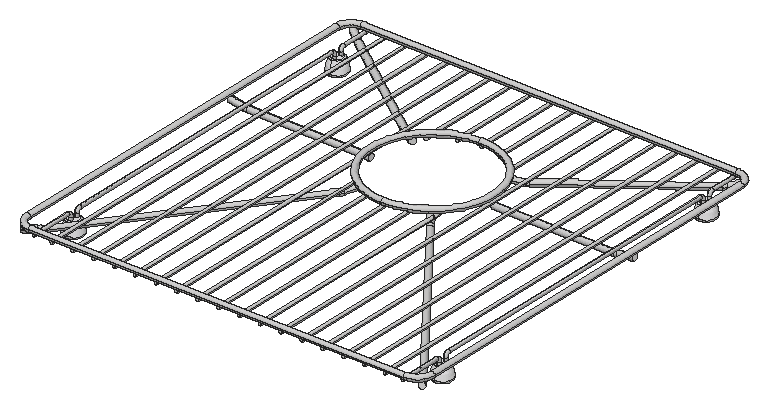
Revit family "Accessory-Sink_Rack-KOHLER-Lyric-K-23381", category Specialty Equipment, host Face, Revit 2021
Family settings
  Host = Face
  Round Connector Dimension = Use Diameter
  Part Type = Normal
  OmniClass Number = 23.31.25.00
  OmniClass Title = Toilet and Bath Specialties
  Cut with Voids When Loaded = No
  Shared = No
  Room Calculation Point = No
Parameters (values of type "ST-Stainless Steel")
  Width = 14 113/256"  # constant formula
  WaterSense Certified = 1 = 0  # no
  URL = "https://www.us.kohler.com/us/"
  Type = 1
  Product Page URL = "http://www.us.kohler.com/us/catalog/productDetails.jsp?productId=23381"
  Product Name = "Lyric"  # constant formula
  Product Documentation Link = "https://www.us.kohler.com/webassets/kpna/catalog/pdf/en/K-23381_spec_US-CA_Kohler_en.pdf"
  Model = "K-23381-ST"  # constant formula
  Material = "Stainless Steel"  # constant formula
  Master Format 2014 Name = "Toilet, Bath, and Laundry Accessories"  # constant formula
  Master Format 2014 = "10 28 00"  # constant formula
  Manufacturer Address = "444 Highland Dr, Kohler, WI 53044"  # constant formula
  Manufacturer = "Kohler Co."  # constant formula
  Length = 14 15/256"  # constant formula
  Height = 1 1/64"  # constant formula
  Finish = KOHLER-Metal-ST-Stainless_Steel
  Environmental Product Declaration = ""
  Description = "Sink Rack For K-RH23376-4PC"  # constant formula
  Default Elevation = 36"
  Declare Label = ""
  Date Modified = "02/13/2023"  # constant formula
  Date Created = "02/13/2023"  # constant formula
  Copyright = "Copyright Kohler Co."  # constant formula
  Contact Us = "https://www.us.kohler.com/us/static/contact.jsp"
  Assembly Code = "C1030200"
  ADA Compliant = 1 = 0  # no
Reference planes (in)
  plane 1 "Center (Front/Back)": y = 0
  plane 2: z = 0
  plane 3 "Center (Left/Right)": x = 0
  plane 4: y = 5.15797
  plane 5: y = -9.28343
  plane 6: x = -7.02907
  plane 7: x = 7.02953
  plane 8: y = -7.48247
  plane 9: y = 3.83961
  plane 10: x = -6.33
  plane 11: x = 6.33
  plane 12: x = 2.01329
  plane 13: y = 2.00985
  plane 14: z = 1.01562
  plane 15: y = -2.00985
  plane 16: x = -2.01329
  plane 17: y = -2.06273
Dimensions and locks (in)
  "Width": plane 4 to plane 5
  plane 3 "Center (Left/Right)" to plane 7 = 7.02953"
  plane 1 "Center (Front/Back)" to plane 4 = 5.15797"
  plane 15 to plane 13 = 4.01969"
  plane 16 to plane 12 = 4.02658"
  plane 10 to plane 11 = 12.66001"
  plane 10 to plane 3 "Center (Left/Right)" = 6.33"
  plane 11 to plane 3 "Center (Left/Right)" = 6.33"
  "Height": plane 14 to level
  equal spacing: plane 4, plane 17, plane 5
  "Length": plane 6 to plane 7
  plane 9 to plane 8 = 11.32209"
  aligned and locked: plane 2 to host face
  aligned and locked: level to host face
Automatic sketch dimensions
  host sketch curve to host sketch curve = 96"  (x2)
Nested families (in)
  nested 1: "K-23381" at (0, -2.0625, -0.0091) x (0, -1, 0) z (0, 0, 1), type "K-23381"
Definition of nested family "K-23381"
  Parameters
    Material = none
    Default Elevation = 0"
  Reference planes (in)
    plane 1 "Center (Front/Back)": y = 0
    plane 2: z = 0
    plane 3 "Center (Left/Right)": x = 0
    plane 4: x = -7.22047
    plane 5: x = 7.22047
    plane 6: x = -2.05906
    plane 7: z = 1.02362
    plane 8 "A": through (-3.36801, 1.75163, 48) normal (-0.8024, -0.5967, 0)
    plane 9 "B": through (-0.33058, 1.32576, 48) normal (-0.606, 0.7955, 0)
    plane 10: z = 0.0091
    plane 11: y = 2.01329
    plane 12: x = -4.07235
    plane 13: y = -7.02953
    plane 14: y = 7.02953
    plane 15: y = -6.33
    plane 16: y = 6.33
    plane 17: x = 5.41997
    plane 18: x = -5.90211
  Forms (in)
    Sweep 1, solid, material <- "Material"
      path origin (0, 0, 0) x (1, 0, 0) y (0, 1, 0)
        loop
          circle (-2.05906, 0) r 2.09728
      profile origin (-2.05906, 2.09728, 0) x (0, -1, 0) y (0, 0, 1)
        loop
          circle (0, 0.93774) r 0.09357
    Sweep 2, solid, material <- "Material"
      path origin (0, 0, 0) x (1, 0, 0) y (0, 1, 0)
        loop
          line (-7.13071, 6.43898) -> (-7.13071, -6.43898)
          arc (-7.13071, -6.43898) -> (-6.98403, -6.79309) -> (-6.62992, -6.93976) r 0.50079
          line (-6.62992, -6.93976) -> (6.62992, -6.93976)
          arc (6.62992, -6.93976) -> (6.98403, -6.79309) -> (7.13071, -6.43898) r 0.50079
          line (7.13071, -6.43898) -> (7.13071, 6.43898)
          arc (7.13071, 6.43898) -> (6.98403, 6.79309) -> (6.62992, 6.93976) r 0.50079
          line (6.62992, 6.93976) -> (-6.62992, 6.93976)
          arc (-6.62992, 6.93976) -> (-6.98403, 6.79309) -> (-7.13071, 6.43898) r 0.50079
      profile origin (0, 6.93976, 0) x (0, 1, 0) y (0, 0, 1)
        loop
          circle (-0.00308, 0.93753) r 0.09378
    Extrusion 3, solid, material <- "Material"
      sketch origin (0, 0, 0.00154) x (0, 1, 0) y (0, 0, 1)
        loop
          circle (-5.72076, 0.78821) r 0.05315
        loop
          circle (-5.00745, 0.78821) r 0.05315
        loop
          circle (-4.29249, 0.78821) r 0.05315
        loop
          circle (-3.57588, 0.78821) r 0.05315
        loop
          circle (-2.85927, 0.78821) r 0.05315
        loop
          circle (-2.14432, 0.78821) r 0.05315
        loop
          circle (-1.43422, 0.78821) r 0.05315
        loop
          circle (-0.71423, 0.78821) r 0.05315
        loop
          circle (0.71498, 0.78821) r 0.05315
        loop
          circle (1.42996, 0.78821) r 0.05315
        loop
          circle (2.14456, 0.78821) r 0.05315
        loop
          circle (2.85915, 0.78821) r 0.05315
        loop
          circle (3.57698, 0.78821) r 0.05315
        loop
          circle (4.28826, 0.78821) r 0.05315
        loop
          circle (5.00858, 0.78821) r 0.05315
        loop
          circle (5.72313, 0.78821) r 0.05315
        loop
          circle (0, 0.78821) r 0.05315
      from -7.1285 to 7.1235
    Extrusion 4, void
      sketch origin (0, 0, 0) x (1, 0, 0) y (0, 1, 0)
        loop
          circle (-2.05906, 0) r 2.10236
      from 0.33287 to 0.85982
    Sweep 5, solid, material <- "Material"
      path origin (-1.32987, -0.98899, -0.00615) x (0.596749, -0.802428, 0) y (0, 0, 1)
        loop
          line (-9.58546, 0.74758) -> (-9.16395, 0.65454)
          arc (-9.16395, 0.65454) -> (-9.10068, 0.64413) -> (-9.03665, 0.64065) r 0.59055
          line (-9.03665, 0.64065) -> (-3.84064, 0.64065)
          arc (-3.84064, 0.64065) -> (-3.77661, 0.64413) -> (-3.71334, 0.65454) r 0.59055
          line (-3.71334, 0.65454) -> (-3.23801, 0.75946)
      profile origin (-6.92421, 6.53353, 0.69491) x (0.128632, -0.172968, 0.976492) y (-0.802428, -0.596749, 0)
        loop
          circle (0, 0) r 0.09843
    Sweep 6, solid, material <- "Material"
      path origin (0, 0, -0.00231) x (0, -1, 0) y (0, 0, -1)
        loop
          line (-6.95075, -0.74334) -> (-6.39631, -0.64558)
          arc (-6.39631, -0.64558) -> (-6.34523, -0.63886) -> (-6.29376, -0.63661) r 0.59055
          line (-6.29376, -0.63661) -> (6.29376, -0.63661)
          arc (6.29376, -0.63661) -> (6.34523, -0.63886) -> (6.39631, -0.64558) r 0.59055
          line (6.39631, -0.64558) -> (6.95075, -0.74334)
      profile origin (0, 6.67353, 0.69216) x (0, 0.173648, -0.984808) y (1, 0, 0)
        loop
          circle (0, -2.0625) r 0.09843
    Revolve 7, solid, detail levels medium+fine
      sketch origin (11.16461, -6.33, 0) x (1, 0, 0) y (0, 0, -1)
        loop
          line (-5.73848, -0.56882) -> (-5.73848, -0.00823)
          arc (-5.73848, -0.00823) -> (-5.81814, -0.01423) -> (-5.89605, -0.03187) r 0.54249
          arc (-5.89605, -0.03187) -> (-5.97179, -0.06041) -> (-6.04327, -0.09838) r 0.6326
          arc (-6.04327, -0.09838) -> (-6.06214, -0.11863) -> (-6.06801, -0.14567) r 0.05221
          arc (-6.06801, -0.14567) -> (-6.03954, -0.35065) -> (-5.97739, -0.54803) r 1.24012
          arc (-5.97739, -0.54803) -> (-5.96507, -0.56314) -> (-5.94642, -0.56882) r 0.03346
          line (-5.94642, -0.56882) -> (-5.73848, -0.56882)
        axis (-5.73848, -0.00823) -> (-5.73848, -0.56882)
      angle from 0 to 360
    Sweep 8, solid, material <- "Material"
      path origin (-0.76048, 0.99827, 0) x (-0.795475, -0.605986, 0) y (0, 0, 1)
        loop
          line (-9.71214, 0.74143) -> (-9.29063, 0.64838)
          arc (-9.29063, 0.64838) -> (-9.22736, 0.63798) -> (-9.16333, 0.6345) r 0.59055
          line (-9.16333, 0.6345) -> (-0.95551, 0.6345)
          arc (-0.95551, 0.6345) -> (-0.89148, 0.63798) -> (-0.82821, 0.64838) r 0.59055
          line (-0.82821, 0.64838) -> (-0.35288, 0.75331)
      profile origin (6.79764, 6.75598, 0.69491) x (-0.171469, -0.130624, 0.976492) y (-0.605986, 0.795475, 0)
        loop
          circle (0, 0) r 0.09843
    Revolve 9, solid, detail levels medium+fine
      sketch origin (-11.32209, -6.33, 0) x (-1, 0, 0) y (0, 0, 1)
        loop
          line (-5.41997, 0.56882) -> (-5.62791, 0.56882)
          arc (-5.62791, 0.56882) -> (-5.64656, 0.56314) -> (-5.65888, 0.54803) r 0.03346
          arc (-5.65888, 0.54803) -> (-5.72104, 0.35065) -> (-5.7495, 0.14567) r 1.24012
          arc (-5.7495, 0.14567) -> (-5.74363, 0.11863) -> (-5.72476, 0.09838) r 0.05221
          arc (-5.72476, 0.09838) -> (-5.65329, 0.06041) -> (-5.57754, 0.03187) r 0.6326
          arc (-5.57754, 0.03187) -> (-5.49963, 0.01423) -> (-5.41997, 0.00823) r 0.54249
          line (-5.41997, 0.00823) -> (-5.41997, 0.56882)
        axis (-5.41997, 0.00823) -> (-5.41997, 0.56882)
      angle from 0 to 360
    Sweep 10, solid, material <- "Material"
      path origin (0, 6.33, 0) x (1, 0, 0) y (0, 0, -1)
        loop
          line (-7.1285, -0.79216) -> (-7.05153, -0.79216) -> (-6.15058, -0.79216)
          arc (-6.15058, -0.79216) -> (-6.07044, -0.75896) -> (-6.03725, -0.67882) r 0.11334
          line (-6.03725, -0.67882) -> (-6.03725, -0.29889)
          arc (-6.03725, -0.29889) -> (-5.90211, -0.16376) -> (-5.76698, -0.29889) r 0.13513
          line (-5.76698, -0.29889) -> (-5.76698, -0.67877)
          arc (-5.76698, -0.67877) -> (-5.73377, -0.75895) -> (-5.65359, -0.79216) r 0.11339
          line (-5.65359, -0.79216) -> (5.17145, -0.79216)
          arc (5.17145, -0.79216) -> (5.25163, -0.75895) -> (5.28484, -0.67877) r 0.11339
          line (5.28484, -0.67877) -> (5.28484, -0.29889)
          arc (5.28484, -0.29889) -> (5.41997, -0.16376) -> (5.55511, -0.29889) r 0.13513
          line (5.55511, -0.29889) -> (5.55511, -0.67877)
          arc (5.55511, -0.67877) -> (5.58832, -0.75895) -> (5.66849, -0.79216) r 0.11339
          line (5.66849, -0.79216) -> (7.12212, -0.79216)
      profile origin (-6.60106, 6.33, 0.79216) x (0, 0, -1) y (0, 1, 0)
        loop
          circle (0, 0) r 0.05192
    Revolve 11, solid, detail levels medium+fine
      sketch origin (11.16461, 6.33, 0) x (1, 0, 0) y (0, 0, 1)
        loop
          line (-5.73848, 0.56882) -> (-5.94642, 0.56882)
          arc (-5.94642, 0.56882) -> (-5.96507, 0.56314) -> (-5.97739, 0.54803) r 0.03346
          arc (-5.97739, 0.54803) -> (-6.03954, 0.35065) -> (-6.06801, 0.14567) r 1.24012
          arc (-6.06801, 0.14567) -> (-6.06214, 0.11863) -> (-6.04327, 0.09838) r 0.05221
          arc (-6.04327, 0.09838) -> (-5.97179, 0.06041) -> (-5.89605, 0.03187) r 0.6326
          arc (-5.89605, 0.03187) -> (-5.81814, 0.01423) -> (-5.73848, 0.00823) r 0.54249
          line (-5.73848, 0.00823) -> (-5.73848, 0.56882)
        axis (-5.73848, 0.00823) -> (-5.73848, 0.56882)
      angle from 0 to 360
    Revolve 12, solid, detail levels medium+fine
      sketch origin (-11.32209, 6.33, 0) x (-1, 0, 0) y (0, 0, -1)
        loop
          line (-5.41997, -0.56882) -> (-5.41997, -0.00823)
          arc (-5.41997, -0.00823) -> (-5.49963, -0.01423) -> (-5.57754, -0.03187) r 0.54249
          arc (-5.57754, -0.03187) -> (-5.65329, -0.06041) -> (-5.72476, -0.09838) r 0.6326
          arc (-5.72476, -0.09838) -> (-5.74363, -0.11863) -> (-5.7495, -0.14567) r 0.05221
          arc (-5.7495, -0.14567) -> (-5.72104, -0.35065) -> (-5.65888, -0.54803) r 1.24012
          arc (-5.65888, -0.54803) -> (-5.64656, -0.56314) -> (-5.62791, -0.56882) r 0.03346
          line (-5.62791, -0.56882) -> (-5.41997, -0.56882)
        axis (-5.41997, -0.00823) -> (-5.41997, -0.56882)
      angle from 0 to 360
    Sweep 13, solid, material <- "Material"
      path origin (-1.32987, 0.98899, -0.00615) x (0.596749, 0.802428, 0) y (0, 0, -1)
        loop
          line (-9.58546, -0.74758) -> (-9.16395, -0.65454)
          arc (-9.16395, -0.65454) -> (-9.10068, -0.64413) -> (-9.03665, -0.64065) r 0.59055
          line (-9.03665, -0.64065) -> (-3.84064, -0.64065)
          arc (-3.84064, -0.64065) -> (-3.77661, -0.64413) -> (-3.71334, -0.65454) r 0.59055
          line (-3.71334, -0.65454) -> (-3.23801, -0.75946)
      profile origin (-6.92421, -6.53353, 0.69491) x (-0.128632, -0.172968, -0.976492) y (-0.802428, 0.596749, 0)
        loop
          circle (0, 0) r 0.09843
    Sweep 14, solid, material <- "Material"
      path origin (-0.76048, -0.99827, 0) x (-0.795475, 0.605986, 0) y (0, 0, -1)
        loop
          line (-9.71214, -0.74143) -> (-9.29063, -0.64838)
          arc (-9.29063, -0.64838) -> (-9.22736, -0.63798) -> (-9.16333, -0.6345) r 0.59055
          line (-9.16333, -0.6345) -> (-0.95551, -0.6345)
          arc (-0.95551, -0.6345) -> (-0.89148, -0.63798) -> (-0.82821, -0.64838) r 0.59055
          line (-0.82821, -0.64838) -> (-0.35288, -0.75331)
      profile origin (6.79764, -6.75598, 0.69491) x (0.171469, -0.130624, -0.976492) y (-0.605986, -0.795475, 0)
        loop
          circle (0, 0) r 0.09843
    Sweep 15, solid, material <- "Material"
      path origin (0, -6.33, 0) x (1, 0, 0) y (0, 0, 1)
        loop
          line (-7.1285, 0.79216) -> (-7.05153, 0.79216) -> (-6.15058, 0.79216)
          arc (-6.15058, 0.79216) -> (-6.07044, 0.75896) -> (-6.03725, 0.67882) r 0.11334
          line (-6.03725, 0.67882) -> (-6.03725, 0.29889)
          arc (-6.03725, 0.29889) -> (-5.90211, 0.16376) -> (-5.76698, 0.29889) r 0.13513
          line (-5.76698, 0.29889) -> (-5.76698, 0.67877)
          arc (-5.76698, 0.67877) -> (-5.73377, 0.75895) -> (-5.65359, 0.79216) r 0.11339
          line (-5.65359, 0.79216) -> (5.17145, 0.79216)
          arc (5.17145, 0.79216) -> (5.25163, 0.75895) -> (5.28484, 0.67877) r 0.11339
          line (5.28484, 0.67877) -> (5.28484, 0.29889)
          arc (5.28484, 0.29889) -> (5.41997, 0.16376) -> (5.55511, 0.29889) r 0.13513
          line (5.55511, 0.29889) -> (5.55511, 0.67877)
          arc (5.55511, 0.67877) -> (5.58832, 0.75895) -> (5.66849, 0.79216) r 0.11339
          line (5.66849, 0.79216) -> (7.12212, 0.79216)
      profile origin (-6.60106, -6.33, 0.79216) x (0, 0, 1) y (0, -1, 0)
        loop
          circle (0, 0) r 0.05192
    Extrusion 16, solid, detail levels coarse
      sketch origin (0, 0, 0) x (1, 0, 0) y (0, 1, 0)
        loop
          circle (-5.90211, 6.33) r 0.33071
        loop
          circle (5.41997, 6.33) r 0.33071
        loop
          circle (-5.90211, -6.33) r 0.33071
        loop
          circle (5.41997, -6.33) r 0.33071
      from 0.0091 to 0.53566
  Cuts and joins
    Extrusion 4 cuts Extrusion 3
    Extrusion 4 cuts Sweep 6
    Extrusion 4 cuts Sweep 8
    Extrusion 4 cuts Sweep 5
    Extrusion 4 cuts Sweep 13
    Extrusion 4 cuts Sweep 14
    joined: Revolve 7, Revolve 9, Revolve 11, Revolve 12
  Lines and regions (in)
    Masking region 1
      outline origin (0, 0, 0) x (1, 0, 0) y (0, 1, 0)
        loop
          arc (-6.62992, 7.02953) -> (-7.0475, 6.85656) -> (-7.22047, 6.43898) r 0.59055
          line (-7.22047, 6.43898) -> (-7.22047, -6.43898)
          arc (-7.22047, -6.43898) -> (-7.0475, -6.85656) -> (-6.62992, -7.02953) r 0.59055
          line (-6.62992, -7.02953) -> (6.62992, -7.02953)
          arc (6.62992, -7.02953) -> (7.0475, -6.85656) -> (7.22047, -6.43898) r 0.59055
          line (7.22047, -6.43898) -> (7.22047, 6.43898)
          arc (7.22047, 6.43898) -> (7.0475, 6.85656) -> (6.62992, 7.02953) r 0.59055
          line (6.62992, 7.02953) -> (-6.62992, 7.02953)
        loop
          arc (-6.62992, 6.84291) -> (-6.79501, 6.80764) -> (-6.93127, 6.70796) r 0.40394
          line (-6.93127, 6.70796) -> (-6.6888, 6.38193) -> (-6.22872, 6.38193)
          arc (-6.22872, 6.38193) -> (-5.90211, 6.66071) -> (-5.5755, 6.38193) r 0.33071
          line (-5.5755, 6.38193) -> (-2.16093, 6.38193) -> (-2.16093, 6.84291) -> (-6.62992, 6.84291)
        loop
          line (6.62992, 6.84291) -> (-1.96407, 6.84291) -> (-1.96407, 6.38193) -> (5.09337, 6.38193)
          arc (5.09337, 6.38193) -> (5.41997, 6.66071) -> (5.74658, 6.38193) r 0.33071
          line (5.74658, 6.38193) -> (6.14419, 6.38193) -> (6.73209, 6.82978)
          arc (6.73209, 6.82978) -> (6.68143, 6.83962) -> (6.62992, 6.84291) r 0.40394
        loop
          arc (7.03386, 6.43898) -> (7.0035, 6.59262) -> (6.91698, 6.72316) r 0.40394
          line (6.91698, 6.72316) -> (6.46904, 6.38193) -> (7.03386, 6.38193) -> (7.03386, 6.43898)
        loop
          line (-7.03386, 6.43898) -> (-7.03386, 6.38193) -> (-6.93412, 6.38193) -> (-7.02791, 6.50804)
          arc (-7.02791, 6.50804) -> (-7.03237, 6.47364) -> (-7.03386, 6.43898) r 0.40394
        loop
          arc (-3.29594, 1.81966) -> (-3.02948, 1.975) -> (-2.74385, 2.09141) r 2.19291
          line (-2.74385, 2.09141) -> (-3.49804, 2.09141) -> (-3.29594, 1.81966)
        loop
          line (-3.45348, 1.70162) -> (-3.74336, 2.09141) -> (-7.03386, 2.09141) -> (-7.03386, 1.48311) -> (-3.68323, 1.48311)
          arc (-3.68323, 1.48311) -> (-3.57231, 1.59652) -> (-3.45348, 1.70162) r 2.19291
        loop
          line (-0.28645, 1.48311) -> (0.51206, 2.09141) -> (-1.37825, 2.09141)
          arc (-1.37825, 2.09141) -> (-0.8691, 1.84819) -> (-0.43887, 1.48311) r 2.19291
          line (-0.43887, 1.48311) -> (-0.28645, 1.48311)
        loop
          arc (-0.25876, 1.25675) -> (-0.11611, 1.02046) -> (-0.00428, 0.76813) r 2.19291
          line (-0.00428, 0.76813) -> (7.03386, 0.76813) -> (7.03386, 1.37681) -> (-0.10115, 1.37681) -> (-0.25876, 1.25675)
        loop
          line (-6.22872, 6.27808) -> (-6.61157, 6.27808) -> (-6.2384, 5.77628) -> (-2.16093, 5.77628) -> (-2.16093, 6.27808) -> (-5.5755, 6.27808)
          arc (-5.5755, 6.27808) -> (-5.90211, 5.99929) -> (-6.22872, 6.27808) r 0.33071
        loop
          line (-7.03386, 6.27808) -> (-7.03386, 5.77628) -> (-6.48371, 5.77628) -> (-6.85689, 6.27808) -> (-7.03386, 6.27808)
        loop
          line (-7.03386, 5.66998) -> (-7.03386, 5.06173) -> (-5.95232, 5.06173) -> (-6.40466, 5.66998) -> (-7.03386, 5.66998)
        loop
          line (-7.03386, 4.95543) -> (-7.03386, 4.34141) -> (-5.41663, 4.34141) -> (-5.87326, 4.95543) -> (-7.03386, 4.95543)
        loop
          line (-7.03386, 4.23511) -> (-7.03386, 3.63013) -> (-4.88767, 3.63013) -> (-5.33758, 4.23511) -> (-7.03386, 4.23511)
        loop
          line (7.03386, 3.52383) -> (2.71723, 3.52383) -> (1.91448, 2.9123) -> (7.03386, 2.9123) -> (7.03386, 3.52383)
        loop
          line (-7.03386, 2.9123) -> (-4.35384, 2.9123) -> (-4.80862, 3.52383) -> (-7.03386, 3.52383) -> (-7.03386, 2.9123)
        loop
          line (-7.03386, 2.80601) -> (-7.03386, 2.19771) -> (-3.82241, 2.19771) -> (-4.27479, 2.80601) -> (-7.03386, 2.80601)
        loop
          line (-7.03386, 1.37681) -> (-7.03386, 0.76813) -> (-4.11782, 0.76813)
          arc (-4.11782, 0.76813) -> (-3.97028, 1.08627) -> (-3.7739, 1.37681) r 2.19291
          line (-3.7739, 1.37681) -> (-7.03386, 1.37681)
        loop
          line (-7.03386, 0.66183) -> (-7.03386, 0.05315) -> (-4.25349, 0.05315)
          arc (-4.25349, 0.05315) -> (-4.22528, 0.361) -> (-4.15407, 0.66183) r 2.19291
          line (-4.15407, 0.66183) -> (-7.03386, 0.66183)
        loop
          circle (-2.06105, 0.00751) r 1.99606
        loop
          line (-6.15934, 5.66998) -> (-5.707, 5.06173) -> (-2.16093, 5.06173) -> (-2.16093, 5.66998) -> (-6.15934, 5.66998)
        loop
          line (-5.62795, 4.95543) -> (-5.17132, 4.34141) -> (-2.16093, 4.34141) -> (-2.16093, 4.95543) -> (-5.62795, 4.95543)
        loop
          line (-5.09226, 4.23511) -> (-4.64235, 3.63013) -> (-2.16093, 3.63013) -> (-2.16093, 4.23511) -> (-5.09226, 4.23511)
        loop
          line (-4.10852, 2.9123) -> (-2.16093, 2.9123) -> (-2.16093, 3.52383) -> (-4.5633, 3.52383) -> (-4.10852, 2.9123)
        loop
          line (-4.02947, 2.80601) -> (-3.57709, 2.19771) -> (-2.16093, 2.19771) -> (-2.16093, 2.80601) -> (-4.02947, 2.80601)
        loop
          arc (5.74658, 6.27808) -> (5.41997, 5.99929) -> (5.09337, 6.27808) r 0.33071
          line (5.09337, 6.27808) -> (-1.96407, 6.27808) -> (-1.96407, 5.77628) -> (5.34916, 5.77628) -> (6.00787, 6.27808) -> (5.74658, 6.27808)
        loop
          line (6.33272, 6.27808) -> (5.67401, 5.77628) -> (7.03386, 5.77628) -> (7.03386, 6.27808) -> (6.33272, 6.27808)
        loop
          line (5.53447, 5.66998) -> (4.73602, 5.06173) -> (7.03386, 5.06173) -> (7.03386, 5.66998) -> (5.53447, 5.66998)
        loop
          line (4.59648, 4.95543) -> (3.79046, 4.34141) -> (7.03386, 4.34141) -> (7.03386, 4.95543) -> (4.59648, 4.95543)
        loop
          line (4.41117, 5.06173) -> (5.20963, 5.66998) -> (-1.96407, 5.66998) -> (-1.96407, 5.06173) -> (4.41117, 5.06173)
        loop
          line (3.46562, 4.34141) -> (4.27164, 4.95543) -> (-1.96407, 4.95543) -> (-1.96407, 4.34141) -> (3.46562, 4.34141)
        loop
          line (3.65092, 4.23511) -> (2.85677, 3.63013) -> (7.03386, 3.63013) -> (7.03386, 4.23511) -> (3.65092, 4.23511)
        loop
          line (2.53192, 3.63013) -> (3.32608, 4.23511) -> (-1.96407, 4.23511) -> (-1.96407, 3.63013) -> (2.53192, 3.63013)
        loop
          line (2.39239, 3.52383) -> (-1.96407, 3.52383) -> (-1.96407, 2.9123) -> (1.58964, 2.9123) -> (2.39239, 3.52383)
        loop
          line (1.77495, 2.80601) -> (0.97644, 2.19771) -> (7.03386, 2.19771) -> (7.03386, 2.80601) -> (1.77495, 2.80601)
        loop
          line (7.03386, 2.09141) -> (0.8369, 2.09141) -> (0.03839, 1.48311) -> (7.03386, 1.48311) -> (7.03386, 2.09141)
        loop
          line (0.65159, 2.19771) -> (1.4501, 2.80601) -> (-1.96407, 2.80601) -> (-1.96407, 2.19771) -> (0.65159, 2.19771)
        loop
          arc (0.03197, 0.66183) -> (0.10318, 0.361) -> (0.13139, 0.05315) r 2.19291
          line (0.13139, 0.05315) -> (7.03386, 0.05315) -> (7.03386, 0.66183) -> (0.03197, 0.66183)
        loop
          line (-6.62992, -6.84291) -> (-2.16093, -6.84291) -> (-2.16093, -6.38193) -> (-5.5755, -6.38193)
          arc (-5.5755, -6.38193) -> (-5.90211, -6.66071) -> (-6.22872, -6.38193) r 0.33071
          line (-6.22872, -6.38193) -> (-6.6888, -6.38193) -> (-6.93127, -6.70796)
          arc (-6.93127, -6.70796) -> (-6.79501, -6.80764) -> (-6.62992, -6.84291) r 0.40394
        loop
          arc (6.62992, -6.84291) -> (6.68143, -6.83962) -> (6.73209, -6.82978) r 0.40394
          line (6.73209, -6.82978) -> (6.14419, -6.38193) -> (5.74658, -6.38193)
          arc (5.74658, -6.38193) -> (5.41997, -6.66071) -> (5.09337, -6.38193) r 0.33071
          line (5.09337, -6.38193) -> (-1.96407, -6.38193) -> (-1.96407, -6.84291) -> (6.62992, -6.84291)
        loop
          line (7.03386, -6.43898) -> (7.03386, -6.38193) -> (6.46904, -6.38193) -> (6.91698, -6.72316)
          arc (6.91698, -6.72316) -> (7.0035, -6.59262) -> (7.03386, -6.43898) r 0.40394
        loop
          arc (-7.03386, -6.43898) -> (-7.03237, -6.47364) -> (-7.02791, -6.50804) r 0.40394
          line (-7.02791, -6.50804) -> (-6.93412, -6.38193) -> (-7.03386, -6.38193) -> (-7.03386, -6.43898)
        loop
          line (-3.29594, -1.81966) -> (-3.49804, -2.09141) -> (-2.74385, -2.09141)
          arc (-2.74385, -2.09141) -> (-3.02948, -1.975) -> (-3.29594, -1.81966) r 2.19291
        loop
          arc (-3.45348, -1.70162) -> (-3.57231, -1.59652) -> (-3.68323, -1.48311) r 2.19291
          line (-3.68323, -1.48311) -> (-7.03386, -1.48311) -> (-7.03386, -2.09141) -> (-3.74336, -2.09141) -> (-3.45348, -1.70162)
        loop
          line (-0.28645, -1.48311) -> (-0.43887, -1.48311)
          arc (-0.43887, -1.48311) -> (-0.8691, -1.84819) -> (-1.37825, -2.09141) r 2.19291
          line (-1.37825, -2.09141) -> (0.51206, -2.09141) -> (-0.28645, -1.48311)
        loop
          line (-0.25876, -1.25675) -> (-0.10115, -1.37681) -> (7.03386, -1.37681) -> (7.03386, -0.76813) -> (-0.00428, -0.76813)
          arc (-0.00428, -0.76813) -> (-0.11611, -1.02046) -> (-0.25876, -1.25675) r 2.19291
        loop
          arc (-6.22872, -6.27808) -> (-5.90211, -5.99929) -> (-5.5755, -6.27808) r 0.33071
          line (-5.5755, -6.27808) -> (-2.16093, -6.27808) -> (-2.16093, -5.77628) -> (-6.2384, -5.77628) -> (-6.61157, -6.27808) -> (-6.22872, -6.27808)
        loop
          line (-7.03386, -6.27808) -> (-6.85689, -6.27808) -> (-6.48371, -5.77628) -> (-7.03386, -5.77628) -> (-7.03386, -6.27808)
        loop
          line (-7.03386, -5.66998) -> (-6.40466, -5.66998) -> (-5.95232, -5.06173) -> (-7.03386, -5.06173) -> (-7.03386, -5.66998)
        loop
          line (-7.03386, -4.95543) -> (-5.87326, -4.95543) -> (-5.41663, -4.34141) -> (-7.03386, -4.34141) -> (-7.03386, -4.95543)
        loop
          line (-7.03386, -4.23511) -> (-5.33758, -4.23511) -> (-4.88767, -3.63013) -> (-7.03386, -3.63013) -> (-7.03386, -4.23511)
        loop
          line (7.03386, -3.52383) -> (7.03386, -2.9123) -> (1.91448, -2.9123) -> (2.71723, -3.52383) -> (7.03386, -3.52383)
        loop
          line (-7.03386, -2.9123) -> (-7.03386, -3.52383) -> (-4.80862, -3.52383) -> (-4.35384, -2.9123) -> (-7.03386, -2.9123)
        loop
          line (-7.03386, -2.80601) -> (-4.27479, -2.80601) -> (-3.82241, -2.19771) -> (-7.03386, -2.19771) -> (-7.03386, -2.80601)
        loop
          line (-7.03386, -1.37681) -> (-3.7739, -1.37681)
          arc (-3.7739, -1.37681) -> (-3.97028, -1.08627) -> (-4.11782, -0.76813) r 2.19291
          line (-4.11782, -0.76813) -> (-7.03386, -0.76813) -> (-7.03386, -1.37681)
        loop
          line (-7.03386, -0.66183) -> (-4.15407, -0.66183)
          arc (-4.15407, -0.66183) -> (-4.22528, -0.361) -> (-4.25349, -0.05315) r 2.19291
          line (-4.25349, -0.05315) -> (-7.03386, -0.05315) -> (-7.03386, -0.66183)
        loop
          line (-6.15934, -5.66998) -> (-2.16093, -5.66998) -> (-2.16093, -5.06173) -> (-5.707, -5.06173) -> (-6.15934, -5.66998)
        loop
          line (-5.62795, -4.95543) -> (-2.16093, -4.95543) -> (-2.16093, -4.34141) -> (-5.17132, -4.34141) -> (-5.62795, -4.95543)
        loop
          line (-5.09226, -4.23511) -> (-2.16093, -4.23511) -> (-2.16093, -3.63013) -> (-4.64235, -3.63013) -> (-5.09226, -4.23511)
        loop
          line (-4.10852, -2.9123) -> (-4.5633, -3.52383) -> (-2.16093, -3.52383) -> (-2.16093, -2.9123) -> (-4.10852, -2.9123)
        loop
          line (-4.02947, -2.80601) -> (-2.16093, -2.80601) -> (-2.16093, -2.19771) -> (-3.57709, -2.19771) -> (-4.02947, -2.80601)
        loop
          line (5.74658, -6.27808) -> (6.00787, -6.27808) -> (5.34916, -5.77628) -> (-1.96407, -5.77628) -> (-1.96407, -6.27808) -> (5.09337, -6.27808)
          arc (5.09337, -6.27808) -> (5.41997, -5.99929) -> (5.74658, -6.27808) r 0.33071
        loop
          line (6.33272, -6.27808) -> (7.03386, -6.27808) -> (7.03386, -5.77628) -> (5.67401, -5.77628) -> (6.33272, -6.27808)
        loop
          line (5.53447, -5.66998) -> (7.03386, -5.66998) -> (7.03386, -5.06173) -> (4.73602, -5.06173) -> (5.53447, -5.66998)
        loop
          line (4.59648, -4.95543) -> (7.03386, -4.95543) -> (7.03386, -4.34141) -> (3.79046, -4.34141) -> (4.59648, -4.95543)
        loop
          line (4.41117, -5.06173) -> (-1.96407, -5.06173) -> (-1.96407, -5.66998) -> (5.20963, -5.66998) -> (4.41117, -5.06173)
        loop
          line (3.46562, -4.34141) -> (-1.96407, -4.34141) -> (-1.96407, -4.95543) -> (4.27164, -4.95543) -> (3.46562, -4.34141)
        loop
          line (3.65092, -4.23511) -> (7.03386, -4.23511) -> (7.03386, -3.63013) -> (2.85677, -3.63013) -> (3.65092, -4.23511)
        loop
          line (2.53192, -3.63013) -> (-1.96407, -3.63013) -> (-1.96407, -4.23511) -> (3.32608, -4.23511) -> (2.53192, -3.63013)
        loop
          line (2.39239, -3.52383) -> (1.58964, -2.9123) -> (-1.96407, -2.9123) -> (-1.96407, -3.52383) -> (2.39239, -3.52383)
        loop
          line (1.77495, -2.80601) -> (7.03386, -2.80601) -> (7.03386, -2.19771) -> (0.97644, -2.19771) -> (1.77495, -2.80601)
        loop
          line (7.03386, -2.09141) -> (7.03386, -1.48311) -> (0.03839, -1.48311) -> (0.8369, -2.09141) -> (7.03386, -2.09141)
        loop
          line (0.65159, -2.19771) -> (-1.96407, -2.19771) -> (-1.96407, -2.80601) -> (1.4501, -2.80601) -> (0.65159, -2.19771)
        loop
          line (0.03197, -0.66183) -> (7.03386, -0.66183) -> (7.03386, -0.05315) -> (0.13139, -0.05315)
          arc (0.13139, -0.05315) -> (0.10318, -0.361) -> (0.03197, -0.66183) r 2.19291
    Masking region 2
      outline origin (0, 0, 0) x (1, 0, 0) y (0, 0, 1)
        loop
          line (7.12944, 1.02362) -> (-7.12944, 1.02362)
          arc (-7.12944, 1.02362) -> (-7.21999, 0.93307) -> (-7.12944, 0.84252) r 0.09055
          line (-7.12944, 0.84252) -> (-7.12944, 0.72071)
          arc (-7.12944, 0.72071) -> (-7.1153, 0.6757) -> (-7.07797, 0.64685) r 0.07874
          line (-7.07797, 0.64685) -> (-6.83499, 0.55715)
          arc (-6.83499, 0.55715) -> (-6.78, 0.54196) -> (-6.72325, 0.5362) r 0.33938
          line (-6.72325, 0.5362) -> (-6.14579, 0.5362)
          arc (-6.14579, 0.5362) -> (-6.20456, 0.34442) -> (-6.23164, 0.14567) r 1.24012
          arc (-6.23164, 0.14567) -> (-6.22577, 0.11863) -> (-6.2069, 0.09838) r 0.05221
          arc (-6.2069, 0.09838) -> (-6.13542, 0.06041) -> (-6.05968, 0.03187) r 0.6326
          arc (-6.05968, 0.03187) -> (-5.98177, 0.01423) -> (-5.90211, 0.00823) r 0.54249
          arc (-5.90211, 0.00823) -> (-5.82245, 0.01423) -> (-5.74454, 0.03187) r 0.54249
          arc (-5.74454, 0.03187) -> (-5.6688, 0.06041) -> (-5.59732, 0.09838) r 0.6326
          arc (-5.59732, 0.09838) -> (-5.57845, 0.11863) -> (-5.57258, 0.14567) r 0.05221
          arc (-5.57258, 0.14567) -> (-5.59966, 0.34442) -> (-5.65843, 0.5362) r 1.24012
          line (-5.65843, 0.5362) -> (-3.62004, 0.5362)
          arc (-3.62004, 0.5362) -> (-3.56395, 0.54158) -> (-3.50967, 0.55663) r 0.31288
          line (-3.50967, 0.55663) -> (-3.28229, 0.64235)
          spline (-3.28229, 0.64235) -> (-3.27567, 0.64688) -> (-3.26942, 0.65218) -> (-3.26359, 0.6582) -> (-3.25826, 0.66489) -> (-3.25345, 0.67217) -> (-3.24923, 0.67999) -> (-3.24562, 0.68828) -> (-3.24266, 0.69695) -> (-3.24037, 0.70593) -> (-3.23879, 0.71513) -> (-3.23791, 0.72448) -> (-3.23776, 0.73388)
          line (-3.23776, 0.73388) -> (-2.16093, 0.73388) -> (-2.16093, 0.6343)
          arc (-2.16093, 0.6343) -> (-2.0625, 0.53588) -> (-1.96407, 0.6343) r 0.09843
          line (-1.96407, 0.6343) -> (-1.96407, 0.73388) -> (-0.45244, 0.73388)
          spline (-0.45244, 0.73388) -> (-0.45246, 0.7218) -> (-0.45157, 0.70978) -> (-0.44978, 0.69802) -> (-0.44714, 0.68669) -> (-0.44367, 0.67596) -> (-0.43943, 0.66599) -> (-0.43448, 0.65695) -> (-0.4289, 0.64895) -> (-0.42277, 0.64214) -> (-0.41619, 0.6366) -> (-0.40925, 0.63242) -> (-0.40206, 0.62967)
          line (-0.40206, 0.62967) -> (-0.14972, 0.55938)
          arc (-0.14972, 0.55938) -> (-0.06552, 0.54202) -> (0.02025, 0.5362) r 0.63483
          line (0.02025, 0.5362) -> (5.17629, 0.5362)
          arc (5.17629, 0.5362) -> (5.11753, 0.34442) -> (5.09045, 0.14567) r 1.24012
          arc (5.09045, 0.14567) -> (5.09632, 0.11863) -> (5.11518, 0.09838) r 0.05221
          arc (5.11518, 0.09838) -> (5.18666, 0.06041) -> (5.2624, 0.03187) r 0.6326
          arc (5.2624, 0.03187) -> (5.34032, 0.01423) -> (5.41997, 0.00823) r 0.54249
          arc (5.41997, 0.00823) -> (5.49963, 0.01423) -> (5.57754, 0.03187) r 0.54249
          arc (5.57754, 0.03187) -> (5.65329, 0.06041) -> (5.72476, 0.09838) r 0.6326
          arc (5.72476, 0.09838) -> (5.74363, 0.11863) -> (5.7495, 0.14567) r 0.05221
          arc (5.7495, 0.14567) -> (5.72242, 0.34442) -> (5.66366, 0.5362) r 1.24012
          line (5.66366, 0.5362) -> (6.72325, 0.5362)
          arc (6.72325, 0.5362) -> (6.78, 0.54196) -> (6.83499, 0.55715) r 0.33938
          line (6.83499, 0.55715) -> (7.06512, 0.6421)
          arc (7.06512, 0.6421) -> (7.11177, 0.67816) -> (7.12944, 0.73442) r 0.0984
          line (7.12944, 0.73442) -> (7.12944, 0.84252)
          arc (7.12944, 0.84252) -> (7.21999, 0.93307) -> (7.12944, 1.02362) r 0.09055
    Masking region 3
      outline origin (0, 0, 0) x (0, 1, 0) y (0, 0, 1)
        loop
          arc (-6.93842, 1.02362) -> (-7.03037, 0.9291) -> (-6.93334, 0.83979) r 0.09198
          line (-6.93334, 0.83979) -> (-6.96784, 0.64411) -> (-6.84249, 0.622) -> (-6.64453, 0.54893)
          arc (-6.64453, 0.54893) -> (-6.61067, 0.5384) -> (-6.5759, 0.53147) r 0.33938
          arc (-6.5759, 0.53147) -> (-6.63309, 0.34235) -> (-6.65953, 0.14654) r 1.24012
          arc (-6.65953, 0.14654) -> (-6.65366, 0.1195) -> (-6.63479, 0.09925) r 0.05221
          arc (-6.63479, 0.09925) -> (-6.56332, 0.06128) -> (-6.48757, 0.03274) r 0.6326
          arc (-6.48757, 0.03274) -> (-6.40966, 0.0151) -> (-6.33, 0.0091) r 0.54249
          arc (-6.33, 0.0091) -> (-6.25034, 0.0151) -> (-6.17243, 0.03274) r 0.54249
          arc (-6.17243, 0.03274) -> (-6.09669, 0.06128) -> (-6.02521, 0.09925) r 0.6326
          arc (-6.02521, 0.09925) -> (-6.00635, 0.1195) -> (-6.00047, 0.14654) r 0.05221
          arc (-6.00047, 0.14654) -> (-6.02739, 0.34455) -> (-6.08576, 0.53566) r 1.24012
          line (-6.08576, 0.53566) -> (-1.56657, 0.53566)
          arc (-1.56657, 0.53566) -> (-1.51546, 0.54213) -> (-1.46587, 0.55611) r 0.34659
          line (-1.46587, 0.55611) -> (-1.25723, 0.63216)
          spline (-1.25723, 0.63216) -> (-1.2493, 0.63563) -> (-1.24171, 0.64016) -> (-1.23454, 0.64568) -> (-1.22788, 0.65214) -> (-1.2218, 0.65945) -> (-1.21638, 0.66754) -> (-1.21167, 0.67631) -> (-1.20773, 0.68566) -> (-1.20461, 0.69549) -> (-1.20234, 0.70566) -> (-1.20095, 0.71608) -> (-1.20046, 0.72662)
          spline (-1.20046, 0.72662) -> (-1.20077, 0.74162) -> (-1.2029, 0.75636) -> (-1.20678, 0.77052) -> (-1.21233, 0.78376) -> (-1.21942, 0.79576) -> (-1.22788, 0.80626) -> (-1.23752, 0.81501) -> (-1.24811, 0.82179) -> (-1.2594, 0.82646) -> (-1.27113, 0.82891) -> (-1.28303, 0.82907) -> (-1.29483, 0.82695)
          line (-1.29483, 0.82695) -> (-1.3773, 0.79693)
          arc (-1.3773, 0.79693) -> (-1.38856, 0.82307) -> (-1.41169, 0.83965) r 0.05315
          line (-1.41169, 0.83965) -> (-0.72554, 0.83965)
          arc (-0.72554, 0.83965) -> (-0.71376, 0.73716) -> (-0.70198, 0.83965) r 0.05192
          line (-0.70198, 0.83965) -> (-0.013, 0.83965)
          arc (-0.013, 0.83965) -> (-0.00122, 0.73716) -> (0.01056, 0.83965) r 0.05192
          line (0.01056, 0.83965) -> (0.70198, 0.83965)
          arc (0.70198, 0.83965) -> (0.71376, 0.73716) -> (0.72554, 0.83965) r 0.05192
          line (0.72554, 0.83965) -> (1.41169, 0.83965)
          arc (1.41169, 0.83965) -> (1.38856, 0.82307) -> (1.3773, 0.79693) r 0.05315
          line (1.3773, 0.79693) -> (1.29483, 0.82695)
          spline (1.29483, 0.82695) -> (1.28303, 0.82907) -> (1.27113, 0.82891) -> (1.2594, 0.82646) -> (1.24811, 0.82179) -> (1.23752, 0.81501) -> (1.22788, 0.80626) -> (1.21942, 0.79576) -> (1.21233, 0.78376) -> (1.20678, 0.77052) -> (1.2029, 0.75636) -> (1.20077, 0.74162) -> (1.20046, 0.72662)
          spline (1.20046, 0.72662) -> (1.20095, 0.71608) -> (1.20234, 0.70566) -> (1.20461, 0.69549) -> (1.20773, 0.68566) -> (1.21167, 0.67631) -> (1.21638, 0.66754) -> (1.2218, 0.65945) -> (1.22788, 0.65214) -> (1.23454, 0.64568) -> (1.24171, 0.64016) -> (1.2493, 0.63563) -> (1.25719, 0.63206)
          line (1.25719, 0.63206) -> (1.46587, 0.55611)
          arc (1.46587, 0.55611) -> (1.51546, 0.54213) -> (1.56657, 0.53566) r 0.34659
          line (1.56657, 0.53566) -> (6.08576, 0.53566)
          arc (6.08576, 0.53566) -> (6.02739, 0.34455) -> (6.00047, 0.14654) r 1.24012
          arc (6.00047, 0.14654) -> (6.00635, 0.1195) -> (6.02521, 0.09925) r 0.05221
          arc (6.02521, 0.09925) -> (6.09669, 0.06128) -> (6.17243, 0.03274) r 0.6326
          arc (6.17243, 0.03274) -> (6.25034, 0.0151) -> (6.33, 0.0091) r 0.54249
          arc (6.33, 0.0091) -> (6.40966, 0.0151) -> (6.48757, 0.03274) r 0.54249
          arc (6.48757, 0.03274) -> (6.56332, 0.06128) -> (6.63479, 0.09925) r 0.6326
          arc (6.63479, 0.09925) -> (6.65366, 0.1195) -> (6.65953, 0.14654) r 0.05221
          arc (6.65953, 0.14654) -> (6.63309, 0.34235) -> (6.5759, 0.53147) r 1.24012
          arc (6.5759, 0.53147) -> (6.61067, 0.5384) -> (6.64453, 0.54893) r 0.33938
          line (6.64453, 0.54893) -> (6.84249, 0.622) -> (6.96784, 0.64411) -> (6.93334, 0.83979)
          arc (6.93334, 0.83979) -> (7.03037, 0.9291) -> (6.93842, 1.02362) r 0.09198
          line (6.93842, 1.02362) -> (-6.93842, 1.02362)
        loop
          line (6.68844, 0.83965) -> (6.34178, 0.83965)
          arc (6.34178, 0.83965) -> (6.37067, 0.82137) -> (6.38193, 0.78908) r 0.05192
          line (6.38193, 0.78908) -> (6.38193, 0.75406) -> (6.68844, 0.83965)
        loop
          arc (6.27808, 0.78908) -> (6.28933, 0.82137) -> (6.31822, 0.83965) r 0.05192
          line (6.31822, 0.83965) -> (5.73369, 0.83965)
          arc (5.73369, 0.83965) -> (5.72191, 0.73716) -> (5.71013, 0.83965) r 0.05192
          line (5.71013, 0.83965) -> (5.01914, 0.83965)
          arc (5.01914, 0.83965) -> (5.00735, 0.73716) -> (4.99557, 0.83965) r 0.05192
          line (4.99557, 0.83965) -> (4.29882, 0.83965)
          arc (4.29882, 0.83965) -> (4.28704, 0.73716) -> (4.27526, 0.83965) r 0.05192
          line (4.27526, 0.83965) -> (3.58754, 0.83965)
          arc (3.58754, 0.83965) -> (3.57576, 0.73716) -> (3.56398, 0.83965) r 0.05192
          line (3.56398, 0.83965) -> (2.86971, 0.83965)
          arc (2.86971, 0.83965) -> (2.85793, 0.73716) -> (2.84615, 0.83965) r 0.05192
          line (2.84615, 0.83965) -> (2.15512, 0.83965)
          arc (2.15512, 0.83965) -> (2.14334, 0.73716) -> (2.13156, 0.83965) r 0.05192
          line (2.13156, 0.83965) -> (1.44824, 0.83965)
          arc (1.44824, 0.83965) -> (1.48027, 0.8069) -> (1.47492, 0.7614) r 0.05315
          line (1.47492, 0.7614) -> (1.52478, 0.74325)
          arc (1.52478, 0.74325) -> (1.55253, 0.73582) -> (1.58115, 0.73331) r 0.16482
          line (1.58115, 0.73331) -> (1.6233, 0.73331)
          spline (1.6233, 0.73331) -> (1.62369, 0.74763) -> (1.62533, 0.76168) -> (1.62818, 0.77516) -> (1.63217, 0.78779) -> (1.63723, 0.79929) -> (1.64324, 0.80943) -> (1.65008, 0.81799) -> (1.65761, 0.82479) -> (1.66565, 0.82967) -> (1.67404, 0.83254) -> (1.68261, 0.83334) -> (1.6912, 0.83218)
          line (1.6912, 0.83218) -> (1.9764, 0.75376)
          arc (1.9764, 0.75376) -> (2.05359, 0.73801) -> (2.13219, 0.73273) r 0.58755
          line (2.13219, 0.73273) -> (2.19123, 0.73273) -> (6.27808, 0.73274) -> (6.27808, 0.78908)
        loop
          line (-6.68844, 0.83965) -> (-6.38193, 0.75406) -> (-6.38193, 0.78908)
          arc (-6.38193, 0.78908) -> (-6.37067, 0.82137) -> (-6.34178, 0.83965) r 0.05192
          line (-6.34178, 0.83965) -> (-6.68844, 0.83965)
        loop
          line (-6.27808, 0.78908) -> (-6.27808, 0.73274) -> (-2.19123, 0.73273) -> (-2.13219, 0.73273)
          arc (-2.13219, 0.73273) -> (-2.05359, 0.73801) -> (-1.9764, 0.75376) r 0.58755
          line (-1.9764, 0.75376) -> (-1.6912, 0.83218)
          spline (-1.6912, 0.83218) -> (-1.68261, 0.83334) -> (-1.67404, 0.83254) -> (-1.66565, 0.82967) -> (-1.65761, 0.82479) -> (-1.65008, 0.81799) -> (-1.64324, 0.80943) -> (-1.63723, 0.79929) -> (-1.63217, 0.78779) -> (-1.62818, 0.77516) -> (-1.62533, 0.76168) -> (-1.62369, 0.74763) -> (-1.6233, 0.73331)
          line (-1.6233, 0.73331) -> (-1.58115, 0.73331)
          arc (-1.58115, 0.73331) -> (-1.55253, 0.73582) -> (-1.52478, 0.74325) r 0.16482
          line (-1.52478, 0.74325) -> (-1.47492, 0.7614)
          arc (-1.47492, 0.7614) -> (-1.48027, 0.8069) -> (-1.44824, 0.83965) r 0.05315
          line (-1.44824, 0.83965) -> (-2.13156, 0.83965)
          arc (-2.13156, 0.83965) -> (-2.14334, 0.73716) -> (-2.15512, 0.83965) r 0.05192
          line (-2.15512, 0.83965) -> (-2.84615, 0.83965)
          arc (-2.84615, 0.83965) -> (-2.85793, 0.73716) -> (-2.86971, 0.83965) r 0.05192
          line (-2.86971, 0.83965) -> (-3.56398, 0.83965)
          arc (-3.56398, 0.83965) -> (-3.57576, 0.73716) -> (-3.58754, 0.83965) r 0.05192
          line (-3.58754, 0.83965) -> (-4.27526, 0.83965)
          arc (-4.27526, 0.83965) -> (-4.28704, 0.73716) -> (-4.29882, 0.83965) r 0.05192
          line (-4.29882, 0.83965) -> (-4.99557, 0.83965)
          arc (-4.99557, 0.83965) -> (-5.00735, 0.73716) -> (-5.01914, 0.83965) r 0.05192
          line (-5.01914, 0.83965) -> (-5.71013, 0.83965)
          arc (-5.71013, 0.83965) -> (-5.72191, 0.73716) -> (-5.73369, 0.83965) r 0.05192
          line (-5.73369, 0.83965) -> (-6.31822, 0.83965)
          arc (-6.31822, 0.83965) -> (-6.28933, 0.82137) -> (-6.27808, 0.78908) r 0.05192
    symbolic lines, detail levels medium+fine
      curve 1: arc (-7.02791, 6.50804, 0) -> (-6.9936, 6.61477, 0) -> (-6.93127, 6.70796, 0) r 0.40394
      curve 2: line (-7.03386, 6.38193, 0) -> (-7.03386, 6.27808, 0)
      curve 3: line (-7.03386, 5.77628, 0) -> (-7.03386, 5.66998, 0)
      curve 4: line (-7.03386, 5.06173, 0) -> (-7.03386, 4.95543, 0)
      curve 5: line (-7.03386, 4.34141, 0) -> (-7.03386, 4.23511, 0)
      curve 6: line (-7.03386, 3.63013, 0) -> (-7.03386, 3.52383, 0)
      curve 7: line (-7.03386, 2.9123, 0) -> (-7.03386, 2.80601, 0)
      curve 8: line (-7.03386, 2.19771, 0) -> (-7.03386, 2.09141, 0)
      curve 9: line (-7.03386, 1.48311, 0) -> (-7.03386, 1.37681, 0)
      curve 10: line (-7.03386, 0.76813, 0) -> (-7.03386, 0.66183, 0)
      curve 11: line (-7.03386, 0.05315, 0) -> (-7.03386, -0.05315, 0)
      curve 12: arc (-3.29594, 1.81966, 0) -> (-3.37604, 1.76241, 0) -> (-3.45348, 1.70162, 0) r 2.19291
      curve 13: arc (-3.68323, 1.48311, 0) -> (-3.72941, 1.43068, 0) -> (-3.7739, 1.37681, 0) r 2.19291
      curve 14: arc (-4.11782, 0.76813, 0) -> (-4.13663, 0.71521, 0) -> (-4.15407, 0.66183, 0) r 2.19291
      curve 15: arc (-1.37825, 2.09141, 0) -> (-2.06105, 2.20042, 0) -> (-2.74385, 2.09141, 0) r 2.19291
      curve 16: arc (-4.25312, 0.05315, 0) -> (-4.25395, 0, 0) -> (-4.25349, -0.05315, 0) r 2.19291
      curve 17: line (-6.22872, 6.38193, 0) -> (-6.03109, 6.38193, 0)
      curve 18: line (-6.22872, 6.27808, 0) -> (-6.03109, 6.27808, 0)
      curve 19: line (-5.5755, 6.38193, 0) -> (-5.77313, 6.38193, 0)
      curve 20: line (-5.5755, 6.27808, 0) -> (-5.77313, 6.27808, 0)
      curve 21: arc (-6.03109, 6.27808, 0) -> (-5.97917, 6.33, 0) -> (-6.03109, 6.38193, 0) r 0.05192
      curve 22: arc (-5.77313, 6.27808, 0) -> (-5.82506, 6.33, 0) -> (-5.77313, 6.38193, 0) r 0.05192
      curve 23: arc (-6.12806, 6.27808, 0) -> (-5.90211, 6.09816, 0) -> (-5.67616, 6.27808, 0) r 0.23184
      curve 24: arc (-5.67616, 6.38193, 0) -> (-5.90211, 6.56184, 0) -> (-6.12806, 6.38193, 0) r 0.23184
      curve 25: line (-6.93412, 6.38193, 0) -> (-6.6888, 6.38193, 0)
      curve 26: line (-6.85689, 6.27808, 0) -> (-6.61157, 6.27808, 0)
      curve 27: line (-6.48371, 5.77628, 0) -> (-6.2384, 5.77628, 0)
      curve 28: line (-6.40466, 5.66998, 0) -> (-6.15934, 5.66998, 0)
      curve 29: line (-5.95232, 5.06173, 0) -> (-5.707, 5.06173, 0)
      curve 30: line (-5.87326, 4.95543, 0) -> (-5.62795, 4.95543, 0)
      curve 31: line (-5.41663, 4.34141, 0) -> (-5.17132, 4.34141, 0)
      curve 32: line (-5.33758, 4.23511, 0) -> (-5.09226, 4.23511, 0)
      curve 33: line (-4.88767, 3.63013, 0) -> (-4.64235, 3.63013, 0)
      curve 34: line (-4.80862, 3.52383, 0) -> (-4.5633, 3.52383, 0)
      curve 35: line (-4.35384, 2.9123, 0) -> (-4.10852, 2.9123, 0)
      curve 36: line (-4.27479, 2.80601, 0) -> (-4.02947, 2.80601, 0)
      curve 37: line (-3.82241, 2.19771, 0) -> (-3.57709, 2.19771, 0)
      curve 38: line (-3.74336, 2.09141, 0) -> (-3.49804, 2.09141, 0)
      curve 39: line (-2.16093, 2.80601, 0) -> (-1.96407, 2.80601, 0)
      curve 40: line (-2.16093, 2.9123, 0) -> (-1.96407, 2.9123, 0)
      curve 41: line (-2.16093, 3.52383, 0) -> (-1.91374, 3.52383, 0)
      curve 42: line (-2.16093, 3.63013, 0) -> (-1.96407, 3.63013, 0)
      curve 43: line (-2.16093, 4.34141, 0) -> (-1.96407, 4.34141, 0)
      curve 44: line (-2.16093, 4.23511, 0) -> (-1.96407, 4.23511, 0)
      curve 45: line (-2.16093, 4.95543, 0) -> (-1.96407, 4.95543, 0)
      curve 46: line (-2.16093, 5.06173, 0) -> (-1.96407, 5.06173, 0)
      curve 47: line (-2.16093, 5.66998, 0) -> (-1.96407, 5.66998, 0)
      curve 48: line (-2.16093, 5.77628, 0) -> (-1.96407, 5.77628, 0)
      curve 49: line (-2.16093, 6.27808, 0) -> (-1.96407, 6.27808, 0)
      curve 50: line (-2.16093, 6.38193, 0) -> (-1.96407, 6.38193, 0)
      curve 51: line (-2.16093, 6.84291, 0) -> (-1.96407, 6.84291, 0)
      curve 52: line (6.14419, 6.38193, 0) -> (6.46904, 6.38193, 0)
      curve 53: arc (6.73209, 6.82978, 0) -> (6.8317, 6.7889, 0) -> (6.91698, 6.72316, 0) r 0.40394
      curve 54: line (5.54895, 6.27808, 0) -> (6.33272, 6.27808, 0)
      curve 55: line (5.34916, 5.77628, 0) -> (5.67401, 5.77628, 0)
      curve 56: line (5.20963, 5.66998, 0) -> (5.53447, 5.66998, 0)
      curve 57: line (4.41117, 5.06173, 0) -> (4.73602, 5.06173, 0)
      curve 58: line (4.27164, 4.95543, 0) -> (4.59648, 4.95543, 0)
      curve 59: line (3.46562, 4.34141, 0) -> (3.79046, 4.34141, 0)
      curve 60: line (3.32608, 4.23511, 0) -> (3.65092, 4.23511, 0)
      curve 61: line (2.53192, 3.63013, 0) -> (2.85677, 3.63013, 0)
      curve 62: line (2.39239, 3.52383, 0) -> (2.71723, 3.52383, 0)
      curve 63: line (1.58964, 2.9123, 0) -> (1.91448, 2.9123, 0)
      curve 64: line (1.4501, 2.80601, 0) -> (1.77495, 2.80601, 0)
      curve 65: line (0.65159, 2.19771, 0) -> (0.97644, 2.19771, 0)
      curve 66: line (0.51206, 2.09141, 0) -> (0.8369, 2.09141, 0)
      curve 67: line (-0.28645, 1.48311, 0) -> (0.03839, 1.48311, 0)
      curve 68: arc (-0.25876, 1.25675, 0) -> (-0.34508, 1.3729, 0) -> (-0.43887, 1.48311, 0) r 2.19291
      curve 69: line (-0.10115, 1.37681, 0) -> (-0.3482, 1.37681, 0)
      curve 70: arc (0.03197, 0.66183, 0) -> (0.01453, 0.71521, 0) -> (-0.00428, 0.76813, 0) r 2.19291
      curve 71: arc (0.13102, -0.05315, 0) -> (0.13185, 0, 0) -> (0.13139, 0.05315, 0) r 2.19291
      curve 72: line (7.03386, 5.77628, 0) -> (7.03386, 5.66998, 0)
      curve 73: line (7.03386, 5.06173, 0) -> (7.03386, 4.95543, 0)
      curve 74: line (7.03386, 4.34141, 0) -> (7.03386, 4.23511, 0)
      curve 75: line (7.03386, 3.63013, 0) -> (7.03386, 3.52383, 0)
      curve 76: line (7.03386, 2.9123, 0) -> (7.03386, 2.80601, 0)
      curve 77: line (7.03386, 2.19771, 0) -> (7.03386, 2.09141, 0)
      curve 78: line (7.03386, 1.48311, 0) -> (7.03386, 1.37681, 0)
      curve 79: line (7.03386, 0.76813, 0) -> (7.03386, 0.66183, 0)
      curve 80: line (7.03386, 0.05315, 0) -> (7.03386, -0.05315, 0)
      curve 81: line (7.03386, 6.27808, 0) -> (7.03386, 6.38193, 0)
      curve 82: line (5.74658, 6.38193, 0) -> (5.54895, 6.38193, 0)
      curve 83: line (5.74658, 6.27808, 0) -> (5.54895, 6.27808, 0)
      curve 84: line (5.09337, 6.38193, 0) -> (5.29099, 6.38193, 0)
      curve 85: line (5.09337, 6.27808, 0) -> (5.29099, 6.27808, 0)
      curve 86: arc (5.54895, 6.27808, 0) -> (5.49703, 6.33, 0) -> (5.54895, 6.38193, 0) r 0.05192
      curve 87: arc (5.29099, 6.27808, 0) -> (5.34292, 6.33, 0) -> (5.29099, 6.38193, 0) r 0.05192
      curve 88: arc (5.64592, 6.27808, 0) -> (5.41997, 6.09816, 0) -> (5.19402, 6.27808, 0) r 0.23184
      curve 89: arc (5.19402, 6.38193, 0) -> (5.41997, 6.56184, 0) -> (5.64592, 6.38193, 0) r 0.23184
      curve 90: arc (-7.02791, -6.50804, 0) -> (-6.9936, -6.61477, 0) -> (-6.93127, -6.70796, 0) r 0.40394
      curve 91: line (-7.03386, -6.38193, 0) -> (-7.03386, -6.27808, 0)
      curve 92: line (-7.03386, -5.77628, 0) -> (-7.03386, -5.66998, 0)
      curve 93: line (-7.03386, -5.06173, 0) -> (-7.03386, -4.95543, 0)
      curve 94: line (-7.03386, -4.34141, 0) -> (-7.03386, -4.23511, 0)
      curve 95: line (-7.03386, -3.63013, 0) -> (-7.03386, -3.52383, 0)
      curve 96: line (-7.03386, -2.9123, 0) -> (-7.03386, -2.80601, 0)
      curve 97: line (-7.03386, -2.19771, 0) -> (-7.03386, -2.09141, 0)
      curve 98: line (-7.03386, -1.48311, 0) -> (-7.03386, -1.37681, 0)
      curve 99: line (-7.03386, -0.76813, 0) -> (-7.03386, -0.66183, 0)
      curve 100: arc (-3.29594, -1.81966, 0) -> (-3.37604, -1.76241, 0) -> (-3.45348, -1.70162, 0) r 2.19291
      curve 101: arc (-3.68323, -1.48311, 0) -> (-3.72941, -1.43068, 0) -> (-3.7739, -1.37681, 0) r 2.19291
      curve 102: arc (-4.11782, -0.76813, 0) -> (-4.13663, -0.71521, 0) -> (-4.15407, -0.66183, 0) r 2.19291
      curve 103: arc (-1.37825, -2.09141, 0) -> (-2.06105, -2.20042, 0) -> (-2.74385, -2.09141, 0) r 2.19291
      curve 104: line (-6.22872, -6.38193, 0) -> (-6.03109, -6.38193, 0)
      curve 105: line (-6.22872, -6.27808, 0) -> (-6.03109, -6.27808, 0)
      curve 106: line (-5.5755, -6.38193, 0) -> (-5.77313, -6.38193, 0)
      curve 107: line (-5.5755, -6.27808, 0) -> (-5.77313, -6.27808, 0)
      curve 108: arc (-6.03109, -6.27808, 0) -> (-5.97917, -6.33, 0) -> (-6.03109, -6.38193, 0) r 0.05192
      curve 109: arc (-5.77313, -6.27808, 0) -> (-5.82506, -6.33, 0) -> (-5.77313, -6.38193, 0) r 0.05192
      curve 110: arc (-6.12806, -6.27808, 0) -> (-5.90211, -6.09816, 0) -> (-5.67616, -6.27808, 0) r 0.23184
      curve 111: arc (-5.67616, -6.38193, 0) -> (-5.90211, -6.56184, 0) -> (-6.12806, -6.38193, 0) r 0.23184
      curve 112: line (-6.93412, -6.38193, 0) -> (-6.6888, -6.38193, 0)
      curve 113: line (-6.85689, -6.27808, 0) -> (-6.61157, -6.27808, 0)
      curve 114: line (-6.48371, -5.77628, 0) -> (-6.2384, -5.77628, 0)
      curve 115: line (-6.40466, -5.66998, 0) -> (-6.15934, -5.66998, 0)
      curve 116: line (-5.95232, -5.06173, 0) -> (-5.707, -5.06173, 0)
      curve 117: line (-5.87326, -4.95543, 0) -> (-5.62795, -4.95543, 0)
      curve 118: line (-5.41663, -4.34141, 0) -> (-5.17132, -4.34141, 0)
      curve 119: line (-5.33758, -4.23511, 0) -> (-5.09226, -4.23511, 0)
      curve 120: line (-4.88767, -3.63013, 0) -> (-4.64235, -3.63013, 0)
      curve 121: line (-4.80862, -3.52383, 0) -> (-4.5633, -3.52383, 0)
      curve 122: line (-4.35384, -2.9123, 0) -> (-4.10852, -2.9123, 0)
      curve 123: line (-4.27479, -2.80601, 0) -> (-4.02947, -2.80601, 0)
      curve 124: line (-3.82241, -2.19771, 0) -> (-3.57709, -2.19771, 0)
      curve 125: line (-3.74336, -2.09141, 0) -> (-3.49804, -2.09141, 0)
      curve 126: line (-2.16093, -2.80601, 0) -> (-1.96407, -2.80601, 0)
      curve 127: line (-2.16093, -2.9123, 0) -> (-1.96407, -2.9123, 0)
      curve 128: line (-2.16093, -3.52383, 0) -> (-1.91374, -3.52383, 0)
      curve 129: line (-2.16093, -3.63013, 0) -> (-1.96407, -3.63013, 0)
      curve 130: line (-2.16093, -4.34141, 0) -> (-1.96407, -4.34141, 0)
      curve 131: line (-2.16093, -4.23511, 0) -> (-1.96407, -4.23511, 0)
      curve 132: line (-2.16093, -4.95543, 0) -> (-1.96407, -4.95543, 0)
      curve 133: line (-2.16093, -5.06173, 0) -> (-1.96407, -5.06173, 0)
      curve 134: line (-2.16093, -5.66998, 0) -> (-1.96407, -5.66998, 0)
      curve 135: line (-2.16093, -5.77628, 0) -> (-1.96407, -5.77628, 0)
      curve 136: line (-2.16093, -6.27808, 0) -> (-1.96407, -6.27808, 0)
      curve 137: line (-2.16093, -6.38193, 0) -> (-1.96407, -6.38193, 0)
      curve 138: line (-2.16093, -6.84291, 0) -> (-1.96407, -6.84291, 0)
      curve 139: line (6.14419, -6.38193, 0) -> (6.46904, -6.38193, 0)
      curve 140: arc (6.73209, -6.82978, 0) -> (6.8317, -6.7889, 0) -> (6.91698, -6.72316, 0) r 0.40394
      curve 141: line (5.54895, -6.27808, 0) -> (6.33272, -6.27808, 0)
      curve 142: line (5.34916, -5.77628, 0) -> (5.67401, -5.77628, 0)
      curve 143: line (5.20963, -5.66998, 0) -> (5.53447, -5.66998, 0)
      curve 144: line (4.41117, -5.06173, 0) -> (4.73602, -5.06173, 0)
      curve 145: line (4.27164, -4.95543, 0) -> (4.59648, -4.95543, 0)
      curve 146: line (3.46562, -4.34141, 0) -> (3.79046, -4.34141, 0)
      curve 147: line (3.32608, -4.23511, 0) -> (3.65092, -4.23511, 0)
      curve 148: line (2.53192, -3.63013, 0) -> (2.85677, -3.63013, 0)
      curve 149: line (2.39239, -3.52383, 0) -> (2.71723, -3.52383, 0)
      curve 150: line (1.58964, -2.9123, 0) -> (1.91448, -2.9123, 0)
      curve 151: line (1.4501, -2.80601, 0) -> (1.77495, -2.80601, 0)
      curve 152: line (0.65159, -2.19771, 0) -> (0.97644, -2.19771, 0)
      curve 153: line (0.51206, -2.09141, 0) -> (0.8369, -2.09141, 0)
      curve 154: line (-0.28645, -1.48311, 0) -> (0.03839, -1.48311, 0)
      curve 155: arc (-0.25876, -1.25675, 0) -> (-0.34508, -1.3729, 0) -> (-0.43887, -1.48311, 0) r 2.19291
      curve 156: line (-0.10115, -1.37681, 0) -> (-0.3482, -1.37681, 0)
      curve 157: arc (0.03197, -0.66183, 0) -> (0.01453, -0.71521, 0) -> (-0.00428, -0.76813, 0) r 2.19291
      curve 158: line (7.03386, -5.77628, 0) -> (7.03386, -5.66998, 0)
      curve 159: line (7.03386, -5.06173, 0) -> (7.03386, -4.95543, 0)
      curve 160: line (7.03386, -4.34141, 0) -> (7.03386, -4.23511, 0)
      curve 161: line (7.03386, -3.63013, 0) -> (7.03386, -3.52383, 0)
      curve 162: line (7.03386, -2.9123, 0) -> (7.03386, -2.80601, 0)
      curve 163: line (7.03386, -2.19771, 0) -> (7.03386, -2.09141, 0)
      curve 164: line (7.03386, -1.48311, 0) -> (7.03386, -1.37681, 0)
      curve 165: line (7.03386, -0.76813, 0) -> (7.03386, -0.66183, 0)
      curve 166: line (7.03386, -6.27808, 0) -> (7.03386, -6.38193, 0)
      curve 167: line (5.74658, -6.38193, 0) -> (5.54895, -6.38193, 0)
      curve 168: line (5.74658, -6.27808, 0) -> (5.54895, -6.27808, 0)
      curve 169: line (5.09337, -6.38193, 0) -> (5.29099, -6.38193, 0)
